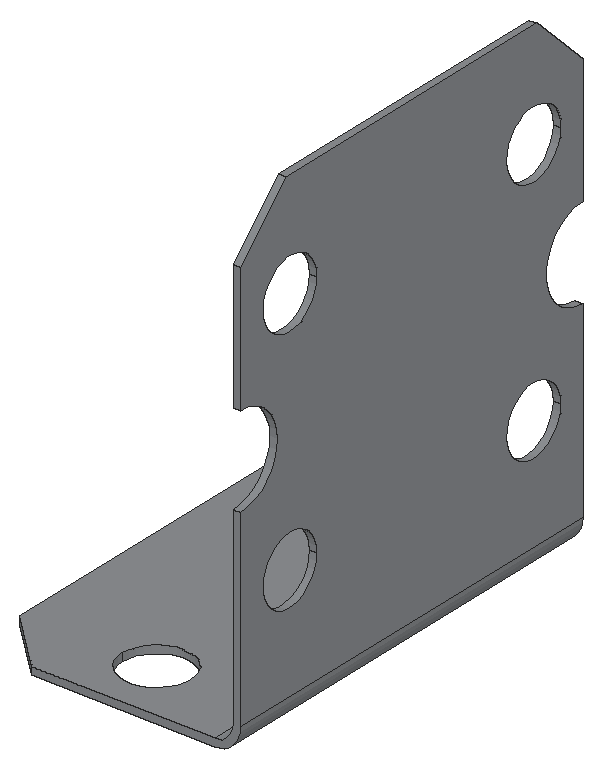
Revit family "Connection-Cleat Plate-Steel & Tube-HST General Purpose", category Structural Connections, host Face, Revit 2017
Family settings
  Host = Face
  Material for Model Behavior = Steel
  OmniClass Number = 23.25.05.17.11
  OmniClass Title = Column Bases
  Enable cutting in views = Yes
  Cut with Voids When Loaded = No
  Shared = Yes
Parameters (values of type "HST150")
  d = if(Beam Size = 152 mm, 65 mm, if(Beam Size = 203 mm, 75 mm, if(Beam Size = 250 mm, 85 mm, if(Beam Size = 300 mm, 95 mm, if(Beam Size = 350 mm, 105 mm, 115 mm)))))  # 65 mm
  b = if(Beam Size = 152 mm, 80 mm, if(Beam Size = 203 mm, 120 mm, if(Beam Size = 250 mm, 160 mm, if(Beam Size = 300 mm, 200 mm, if(Beam Size = 350 mm, 240 mm, 280 mm)))))  # 80 mm
  Width_ANZRS = if(Beam Size = 152 mm, 112 mm, if(Beam Size = 203 mm, 155 mm, if(Beam Size = 250 mm, 195 mm, if(Beam Size = 300 mm, 235 mm, if(Beam Size = 350 mm, 290 mm, 330 mm)))))  # 112 mm
  Uniclass2015Version = "2015"  # constant formula
  Uniclass2015Title = "Cold-formed galvanized steel sections"  # constant formula
  Uniclass2015Code = "Pr_20_76_51_21"  # constant formula
  URL = "http://www.steelandtube.co.nz"
  Type Comments = "HST Steel Purlin General Purpose Cleat - Non Structural Only"  # constant formula
  SpecificationReference = "3411ST"  # constant formula
  SpecificationDescription = "Steel & Tube Purlins & Girts"  # constant formula
  PlateThickness_ANZRS = 2 mm  # constant formula
  ModifiedIssue_ANZRS = 20160520.01  # constant formula
  Model = if(Beam Size = 152 mm, "HST150", if(Beam Size = 203 mm, "HST200", if(Beam Size = 250 mm, "HST250", if(Beam Size = 300 mm, "HST300", if(Beam Size = 350 mm, "HST350", "HST400")))))  # "HST150"
  Material_ANZRS = Metal-Steel-450MPa
  Material Standard = "Steel & Tube’s HST purlins and Girts profiles are manufactured from materials conforming to AS1397:2011"  # constant formula
  ManufacturerURL = "http://www.steelandtube.co.nz"
  ManufacturerName = Manufacturer  # "Steel & Tube"
  Manufacturer = "Steel & Tube"  # constant formula
  Length_ANZRS = 70 mm  # constant formula
  Height_ANZRS = if(Beam Size = 152 mm, 130 mm, if(Beam Size = 203 mm, 130 mm, if(Beam Size = 250 mm, 150 mm, if(Beam Size = 300 mm, 150 mm, if(Beam Size = 350 mm, 180 mm, 180 mm)))))  # 130 mm
  Disclaimer [instance] = "Steel & Tube makes no representations or warranties about the information in this document, including (but not limited to) whether the information, and any materials referred to, are fit for purpose. The user is responsible for ensuring that the information, and any materials referred to, are fit for the purpose for which they are intended to be used. Except as required by law, Steel & Tube is not liable for any cost, loss, claim or expense incurred by any person as a result of any person using or relying on the information in this document."  # constant formula
  Design Standard = "Steel & Tube’s HST purlins and Girts profiles are designed in accordance with AS/NZS 4600:2005."  # constant formula
  Design Instruction = "All the design information should be cross referenced with the current Steel & Tube Purlins and Girts design guide, and AS/NZS 4600:2005"  # constant formula
  Description = "HST Steel Purlins and Girts are high strength lipped profile sections, providing an economic solution for your building project."  # constant formula
  Default Elevation = 0 mm
  CreatedBy_ANZRS = "Design Content"  # constant formula
  CreatedByURL_ANZRS = "http://www.designcontent.com.au"
  CBIDescription = "Structural steelwork"  # constant formula
  CBICode = "3411"  # constant formula
  Beam Size = 152 mm
  Assembly Code = "B1020230"
Reference planes
  plane 1 "Center (Front/Back)": y = 0
  plane 2: z = 0
  plane 3 "Center (Left/Right)": x = 0
  plane 4 "Beam Top": y = 56
  plane 5 "Beam Bottom": y = -56
  plane 6: z = 2
  plane 7 "Left": x = -35
  plane 8 "Right": x = 35
  plane 9: x = 33
  plane 10: y = 40
  plane 11: y = -40
  plane 12 "Top": z = 130
  plane 13 "Internal Bolts": z = 37
  plane 14 "External Bolts": z = 102
Forms (mm)
  Extrusion 1, solid, material "Metal-Steel-450MPa" <- "Material_ANZRS", detail levels medium
    sketch origin (0, 0, 0) x (1, 0, 0) y (0, 0, 1)
      loop
        line (-35, 2) -> (-35, 0) -> (35, 0) -> (35, 130) -> (33, 130) -> (33, 2) -> (-35, 2)
    from -56 to 56
  Extrusion 2, solid, material "Metal-Steel-450MPa" <- "Material_ANZRS", detail levels fine
    sketch origin (0, 0, 0) x (1, 0, 0) y (0, 0, 1)
      loop
        line (-35, 2) -> (-35, 0) -> (28, 0)
        arc (28, 0) -> (32.95, 2.05) -> (35, 7) r 7
        line (35, 7) -> (35, 130) -> (33, 130) -> (33, 7)
        arc (33, 7) -> (31.536, 3.464) -> (28, 2) r 5
        line (28, 2) -> (-35, 2)
    from -56 to 56
  Extrusion 3, void
    sketch origin (0, 0, 0) x (1, 0, 0) y (0, 1, 0)
      loop
        line (-35, 56) -> (-35, 41) -> (-20, 56) -> (-35, 56)
      loop
        line (-35, -56) -> (-20, -56) -> (-35, -41) -> (-35, -56)
      loop
        circle (0, 40) r 9
      loop
        circle (0, -40) r 9
    from 0 to 2
  Extrusion 4, void
    sketch origin (0, 0, 0) x (0, 1, 0) y (0, 0, 1)
      loop
        circle (40, 102) r 9
      loop
        circle (40, 37) r 9
      loop
        circle (-40, 37) r 9
      loop
        circle (-40, 102) r 9
    from 33 to 35
  Extrusion 5, void
    sketch origin (0, 0, 0) x (0, 1, 0) y (0, 0, 1)
      loop
        line (-56, 130) -> (-56, 115) -> (-41, 130) -> (-56, 130)
      loop
        line (56, 130) -> (41, 130) -> (56, 115) -> (56, 130)
      loop
        arc (56, 81.5) -> (44, 69.5) -> (56, 57.5) r 12
        line (56, 57.5) -> (56, 81.5)
      loop
        line (-56, 81.5) -> (-56, 57.5)
        arc (-56, 57.5) -> (-44, 69.5) -> (-56, 81.5) r 12
    from 33 to 35
Cuts and joins
  Extrusion 3, Extrusion 4, Extrusion 5 cuts Extrusion 2
Dimensions and locks
  equal spacing: plane 5 "Beam Bottom", plane 1 "Center (Front/Back)", plane 4 "Beam Top"
  "Width_ANZRS": plane 5 "Beam Bottom" to plane 4 "Beam Top"
  "PlateThickness_ANZRS": plane 6 to plane 2
  equal spacing: plane 7 "Left", plane 3 "Center (Left/Right)", plane 8 "Right"
  "Length_ANZRS": plane 7 "Left" to plane 8 "Right"
  "PlateThickness_ANZRS": plane 9 to plane 8 "Right"
  equal spacing: plane 11, plane 1 "Center (Front/Back)", plane 10
  "b": plane 11 to plane 10
  "Height_ANZRS": plane 12 "Top" to plane 2
  locked: plane 13 "Internal Bolts" to plane 6 at 35
  "d": plane 14 "External Bolts" to plane 13 "Internal Bolts"
  locked: Extrusion 3 sketch curve to plane 4 "Beam Top" at 15
  locked: plane 5 "Beam Bottom" to Extrusion 3 sketch curve at 15
  locked: plane 7 "Left" to Extrusion 3 sketch curve at 15  (x2)
  plane 12 "Top" to Extrusion 5 sketch curve to Extrusion 5 sketch curve = 15 mm locked, 0 mm locked
  locked: plane 4 "Beam Top" to Extrusion 5 sketch curve at 15
  locked: Extrusion 5 sketch curve to plane 5 "Beam Bottom" at 15
  equal spacing: plane 14 "External Bolts", Extrusion 5 sketch curve, plane 13 "Internal Bolts"  (x2)
  radius of Extrusion 2 sketch curve = 5 mm
  aligned and locked: plane 2 to host face
  aligned and locked: level to host face
  aligned and locked: Extrusion 1 sketch curve to plane 6
  aligned and locked: plane 2 to Extrusion 1 sketch curve
  aligned and locked: Extrusion 1 sketch curve to plane 7 "Left"
  aligned and locked: plane 9 to Extrusion 1 sketch curve
  aligned and locked: Extrusion 1 sketch curve to plane 8 "Right"
  aligned and locked: Extrusion 1 sketch curve to plane 12 "Top"
  aligned and locked: Extrusion 1 to plane 4 "Beam Top"
  aligned and locked: plane 5 "Beam Bottom" to Extrusion 1
  aligned and locked: plane 7 "Left" to Extrusion 2 sketch curve
  aligned and locked: Extrusion 2 sketch curve to plane 6
  aligned and locked: plane 2 to Extrusion 2 sketch curve
  aligned and locked: plane 9 to Extrusion 2 sketch curve
  aligned and locked: Extrusion 2 sketch curve to plane 8 "Right"
  aligned and locked: Extrusion 2 sketch curve to plane 12 "Top"
  aligned and locked: Extrusion 2 to plane 4 "Beam Top"
  aligned and locked: plane 5 "Beam Bottom" to Extrusion 2
  aligned and locked: plane 10 to Extrusion 3 sketch curve
  aligned and locked: plane 3 "Center (Left/Right)" to Extrusion 3 sketch curve  (x2)
  aligned and locked: plane 11 to Extrusion 3 sketch curve
  aligned and locked: Extrusion 3 sketch curve to plane 5 "Beam Bottom"
  aligned and locked: plane 7 "Left" to Extrusion 3 sketch curve
  aligned and locked: Extrusion 3 sketch curve to plane 7 "Left"
  aligned and locked: Extrusion 3 sketch curve to plane 4 "Beam Top"
  aligned and locked: Extrusion 3 to level
  aligned and locked: plane 6 to Extrusion 3
  aligned and locked: plane 10 to Extrusion 4 sketch curve  (x2)
  aligned and locked: plane 11 to Extrusion 4 sketch curve  (x2)
  aligned and locked: plane 14 "External Bolts" to Extrusion 4 sketch curve  (x2)
  aligned and locked: plane 13 "Internal Bolts" to Extrusion 4 sketch curve  (x2)
  aligned and locked: Extrusion 4 to plane 9
  aligned and locked: plane 8 "Right" to Extrusion 4
  aligned and locked: Extrusion 5 sketch curve to plane 4 "Beam Top"  (x2)
  aligned and locked: plane 12 "Top" to Extrusion 5 sketch curve
  aligned and locked: Extrusion 5 sketch curve to plane 12 "Top"
  aligned and locked: Extrusion 5 sketch curve to plane 5 "Beam Bottom"  (x2)
  aligned and locked: plane 5 "Beam Bottom" to Extrusion 5 sketch curve
  aligned and locked: plane 4 "Beam Top" to Extrusion 5 sketch curve
  aligned and locked: Extrusion 5 to plane 9
  aligned and locked: plane 8 "Right" to Extrusion 5
Automatic sketch dimensions
  host sketch curve to host sketch curve = 2438.4 mm  (x2)
  Extrusion 2 sketch curve to Extrusion 2 sketch curve = 0 mm
  Extrusion 5 sketch curve to Extrusion 5 sketch curve = 12 mm  (x2)
  radius of Extrusion 3 sketch curve = 9 mm  (x2)
  radius of Extrusion 4 sketch curve = 9 mm  (x4)
Types in the file's own list only (5): name | d | b | Width_ANZRS | ModifiedIssue_ANZRS | Model | Height_ANZRS | Beam Size
  HST200 | 75 mm | 120 mm | 155 mm | 20160520.01 $ | "HST200" | 130 mm | 203 mm
  HST250 | 85 mm | 160 mm | 195 mm | 20160520.01 $ | "HST250" | 150 mm | 250 mm
  HST300 | 95 mm | 200 mm | 235 mm | 20160520.01 $ | "HST300" | 150 mm | 300 mm
  HST350 | 105 mm | 240 mm | 290 mm | 20160520.01 $ | "HST350" | 180 mm | 350 mm
  HST400 | 115 mm | 280 mm | 330 mm | 20160520.01 $ | "HST400" | 180 mm | 400 mm
